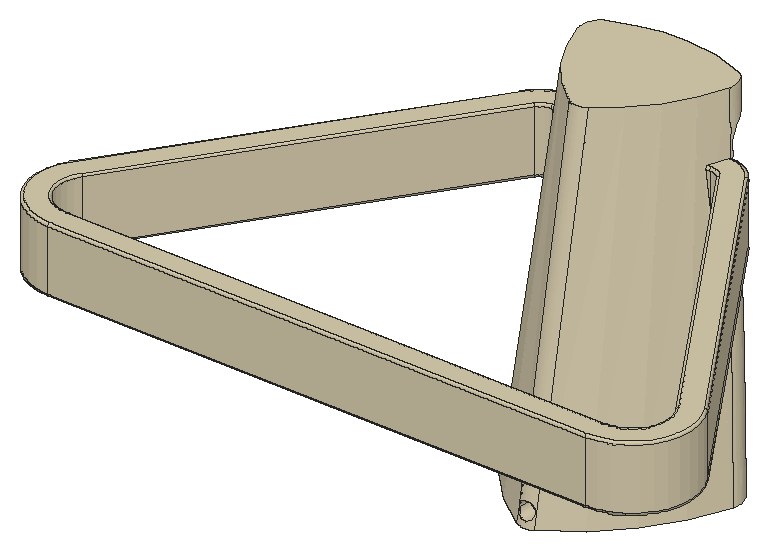
Revit family "FG77446-SUP473283-Polished Nickel", category Generic Models, host Face, Revit 2013
Parameters (values of type "FG77446-SUP473283-Polished Nickel")
  Unit = Polished Nickel
  URL = "www.deltafaucet.com"
  Model = "FG77446"  # constant formula
  Manufacturer = "Delta"  # constant formula
  Description = "FG77446-SUP473283-Polished Nickel"
  Default Elevation = 1524.00 mm
Reference planes
  plane 1 "Center (Front/Back)": y = 0
  plane 2: z = 0
  plane 3 "Center (Left/Right)": x = 0
Dimensions and locks
  aligned and locked: plane 2 to host face
  aligned and locked: level to host face
  aligned and locked: nested 1 to plane 1 "Center (Front/Back)"
  aligned and locked: nested 1 to level
Nested families
  nested 1: "FG77446-SUP473283" at (0, 46.099, 0), type "FG77446-SUP473283"
Definition of nested family "FG77446-SUP473283"
  Parameters (values of type "FG77446-SUP473283")
    Finish = none
  Reference planes
    plane 1 "Center (Front/Back)": y = 0
    plane 2: z = 0
    plane 3 "Center (Left/Right)": x = 0
    plane 4: y = 79.314
    plane 5: y = -46.099
    plane 6: z = 95.25
    plane 7: z = 101.6
    plane 8: y = -88.31
    plane 9: y = -94.978
    plane 10: z = 79.127
    plane 11: z = 61.289
  Forms (mm)
    Blend 1, solid, material <- "Finish"
      base sketch origin (0, 0, 0) x (1, 0, 0) y (0, 1, 0)
        loop
          arc (-28.931, 10.054) -> (-18.737, -9.56) -> (-2.155, -24.178) r 60.25
          arc (-2.155, -24.178) -> (0.298, -24.854) -> (2.751, -24.178) r 4.787
          arc (2.751, -24.178) -> (19.312, -9.586) -> (29.507, 9.992) r 60.25
          arc (29.507, 9.992) -> (28.62, 15.133) -> (23.961, 17.481) r 5.798
          line (23.961, 17.481) -> (-23.424, 17.481)
          arc (-23.424, 17.481) -> (-28.047, 15.153) -> (-28.931, 10.054) r 5.755
      top sketch origin (0, 0, 0) x (1, 0, 0) y (0, 1, 0)
        loop
          arc (-17.306, 25.927) -> (-20.083, 23.239) -> (-20.383, 19.386) r 5.457
          arc (-20.383, 19.386) -> (-13.518, 5.082) -> (-2.426, -6.262) r 48.792
          arc (-2.426, -6.262) -> (0.298, -7.155) -> (3.022, -6.262) r 4.603
          arc (3.022, -6.262) -> (14.099, 5.062) -> (20.964, 19.338) r 48.792
          arc (20.964, 19.338) -> (20.674, 23.161) -> (17.93, 25.839) r 5.428
          arc (17.93, 25.839) -> (0.321, 29.543) -> (-17.306, 25.927) r 44.234
      from 0 to 95.25
    Extrusion 2, void
      sketch origin (0, 0, 0) x (0, 1, 0) y (0, 0, 1)
        loop
          line (18.478, 81.496) -> (18.478, 79.255) -> (11.808, 79.255) -> (11.808, 61.161) -> (18.478, 61.161) -> (18.478, -4.029) -> (39.081, -4.029) -> (39.081, 101.6) -> (29.535, 101.6) -> (29.535, 94.208)
          arc (29.535, 94.208) -> (28.251, 90.245) -> (24.576, 88.283) r 5.566
          arc (24.576, 88.283) -> (20.226, 86.058) -> (18.478, 81.496) r 6.826
      from -35.226 to 33.091
    Extrusion 3, void
      sketch origin (0, 0, 0) x (1, 0, 0) y (0, 0, 1)
        loop
          circle (0.235, 3.835) r 2.294
      from 19.73 to 26.517
    Sweep 4, solid, material <- "Finish"
      path origin (0, 0, 0) x (1, 0, 0) y (0, 1, 0)
        loop
          line (-73.129, -94.978) -> (73.157, -94.978)
          arc (73.157, -94.978) -> (87.228, -86.547) -> (86.434, -70.163) r 15.959
          line (86.434, -70.163) -> (30.482, 13.724)
          arc (30.482, 13.724) -> (26.636, 17.214) -> (21.597, 18.478) r 10.681
          line (21.597, 18.478) -> (-21.559, 18.478)
          arc (-21.559, 18.478) -> (-26.631, 17.206) -> (-30.504, 13.692) r 10.752
          line (-30.504, 13.692) -> (-86.418, -70.139)
          arc (-86.418, -70.139) -> (-87.214, -86.539) -> (-73.129, -94.978) r 15.974
      profile origin (0.014, -94.978, 0) x (0, 1, 0) y (0, 0, 1)
        loop
          line (0, 78.486) -> (0, 61.884)
          arc (0, 61.884) -> (0.174, 61.463) -> (0.595, 61.289) r 0.595
          line (0.595, 61.289) -> (6.073, 61.289)
          arc (6.073, 61.289) -> (6.493, 61.463) -> (6.668, 61.884) r 0.595
          line (6.668, 61.884) -> (6.668, 78.532)
          arc (6.668, 78.532) -> (6.493, 78.953) -> (6.073, 79.127) r 0.595
          line (6.073, 79.127) -> (0.642, 79.127)
          arc (0.642, 79.127) -> (0.188, 78.939) -> (0, 78.486) r 0.642
  Cuts and joins
    Extrusion 2, Extrusion 3 cuts Blend 1
  Dimensions and locks
    plane 4 to plane 5 = 125.413 mm
    plane 6 to plane 2 = 95.25 mm
